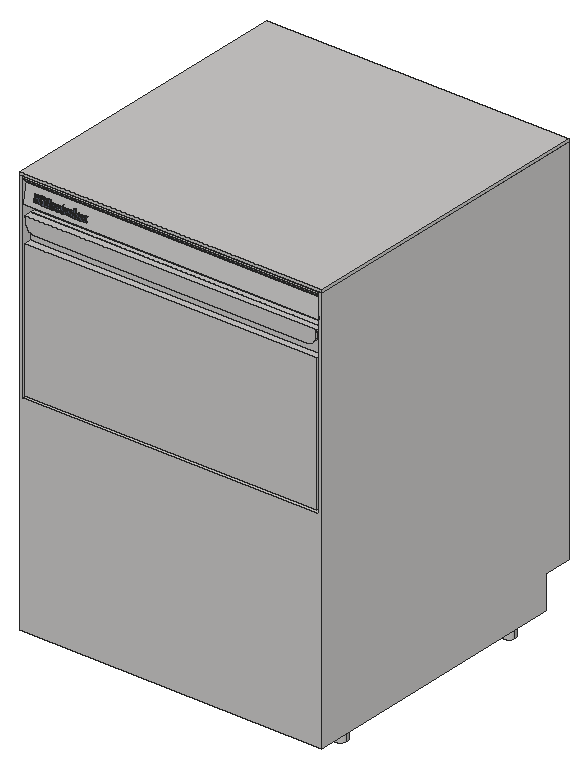
Revit family "QF_ELECTROLUXPROFESSIONAL_520000_EUC40G1", category Specialty Equipment, Revit 2018
Family settings
  Round Connector Dimension = Use Diameter
  Part Type = Normal
  Work Plane-Based = No
  Always vertical = Yes
  Cut with Voids When Loaded = No
  Shared = No
  Room Calculation Point = No
Parameters
  Weight = 0.00 kg
  Watts = 0 W
  Volts = 230 V
  URL Manufacturer = "http://professional.electrolux.com/"
  URL = "http://professional.electrolux.com/"
  Steam Supply Size = 0 mm
  Steam Supply Minimum Pressure = 0.0 Pa
  Steam Supply Maximum Pressure = 0.0 Pa
  Steam Pounds per Hour = 0
  Show Logo [instance] = yes
  Show Clearance [instance] = yes
  Refrigeration Suction Line Size = 0 mm
  Refrigeration Liquid Line Size = 0 mm
  Refrigerant Compressor Remote = yes
  Manufacturer = "Electrolux"
  Phase = 0
  Model = "EUC40G1"
  Length Actual = 600 mm  # constant formula
  Item Number = "520000"
  Hot Water Size = 0 mm
  Height Actual = 820 mm  # constant formula
  HP = "4.8 HP"
  Gas Size = 0 mm
  Gas KW = 0
  Gas Input Pressure = 0 W
  Direct Waste Size = 22 mm
  Description = "UC DW+DOUBLE S+DRAIN P+DET DISP,3C,40R/H,230V"
  Depth Actual = 612 mm  # constant formula
  Cycle = 50 Hz
  Condensate Return Size = 0 mm
  Compressed Air Volume = 0.0 L/s
  Compressed Air Size = 0 mm
  Compressed Air Pressure = 0.0 Pa
  Cold Water Size = 0 mm
  Accessory = yes
Reference planes
  plane 1 "Center (Front/Back)": y = 0
  plane 2: z = 0
  plane 3 "Center (Left/Right)": x = 0
  plane 4 "LEFT": x = -299
  plane 5 "RIGHT": x = 299
  plane 6 "FRONT": y = -306
  plane 7 "BACK": y = 306
  plane 8: x = -281
  plane 9: x = 281
  plane 10: z = 830
  plane 11: z = 20
  plane 12: y = -281
Forms (mm)
  Extrusion 1, solid, material "QF_Finishes_Stainless Steel"
    sketch origin (0, 0, 0) x (1, 0, 0) y (0, 1, 0)
      loop
        line (-299, -306) -> (299, -306) -> (299, 249) -> (-299, 249) -> (-299, -306)
    from 20 to 830
  Extrusion 2, solid, material "QF_Finishes_Stainless Steel"
    sketch origin (0, 0, 0) x (1, 0, 0) y (0, 1, 0)
      loop
        line (-299, 249) -> (299, 249) -> (299, 306) -> (-299, 306) -> (-299, 249)
    from 86 to 830
  Extrusion 3, solid, material "QF_Finishes_Stainless Steel"
    sketch origin (0, 0, 0) x (1, 0, 0) y (0, 1, 0)
      loop
        circle (-281, 181) r 12.5
      loop
        circle (281, 181) r 12.5
      loop
        circle (-281, -236) r 12.5
      loop
        circle (281, -236) r 12.5
    from 0 to 20
  Extrusion 4, void
    sketch origin (-299, -306, 0) x (-1, 0, 0) y (0, 0, 1)
      loop
        line (-5, 830) -> (-593, 830) -> (-593, 434.506) -> (-5, 434.506) -> (-5, 830)
    from 0 to 30
  Extrusion 5, solid, material "QF_Finishes_Stainless Steel"
    sketch origin (-288, -392, 738) x (0, 0, -1) y (1, 0, 0)
      loop
        circle (688, 94) r 10
    from -641 to -698
  Extrusion 6, solid, material "QF_Door-Drawer Clearances", visible <- "Show Clearance", detail levels coarse
    sketch origin (-230, -282.5, 0) x (0, 1, 0) y (0, 0, -1)
      loop
        line (-23.5, -440) -> (-343.5, -440)
        arc (-343.5, -440) -> (-249.774, -666.274) -> (-23.5, -760) r 320
        line (-23.5, -760) -> (-23.5, -440)
    from 60 to -520
  Extrusion 7, solid, material "QF_Finishes_Stainless Steel"
    sketch origin (-242.481, -392, 738) x (0, 0, -1) y (1, 0, 0)
      loop
        circle (688, 236.481) r 8
    from -641 to -698
  Extrusion 8, solid, material "QF_Finishes_Stainless Steel"
    sketch origin (-230, -282.5, 0) x (0, 1, 0) y (0, 0, -1)
      loop
        line (-23.5, -440) -> (-23.5, -710) -> (-8.5, -710) -> (-8.5, -760) -> (1.5, -760) -> (1.5, -440) -> (-23.5, -440)
    from 60 to -520
  Extrusion 9, solid, material "QF_Finishes_Stainless Steel"
    sketch origin (-230, -282.5, -55) x (0, 1, 0) y (0, 0, -1)
      loop
        line (-8.5, -815) -> (-8.5, -812.514) -> (-21, -812.514) -> (-21, -786.25) -> (-23.5, -786.25) -> (-23.5, -815) -> (-8.5, -815)
    from 60 to -520
  Extrusion 10, void
    sketch origin (-230, -306, 760) x (0, 0, 1) y (1, 0, 0)
      loop
        line (-2.486, -60) -> (-2.486, -58.393) -> (-15.552, -58.393)
        arc (-15.552, -58.393) -> (-25.109, -51.319) -> (-28.75, -40) r 19.416
        line (-28.75, -40) -> (-28.75, -60) -> (-2.486, -60)
      loop
        line (-2.486, 520) -> (-28.75, 520) -> (-28.75, 500)
        arc (-28.75, 500) -> (-25.109, 511.319) -> (-15.552, 518.393) r 19.416
        line (-15.552, 518.393) -> (-2.486, 518.393) -> (-2.486, 520)
    from 0 to 2.5
  Extrusion 11, solid, material "QF_Finishes_Stainless Steel"
    sketch origin (0, 0, 0) x (1, 0, 0) y (0, 1, 0)
      loop
        line (-299, -306) -> (299, -306) -> (299, 306) -> (-299, 306) -> (-299, -306)
    from 835 to 830
  Extrusion 12, solid, material "QF_Finishes_Stainless Steel"
    sketch origin (-230, -282.5, 15) x (0, 1, 0) y (0, 0, -1)
      loop
        line (-15.517, -815) -> (6.5, -815) -> (6.5, -765.202) -> (-23.502, -765.202) -> (-16.651, -801.185)
        arc (-16.651, -801.185) -> (-16.709, -802.254) -> (-17.26, -803.171) r 2.216
        line (-17.26, -803.171) -> (-21.457, -807.367)
        arc (-21.457, -807.367) -> (-22.158, -809.293) -> (-21.133, -811.068) r 2.424
        line (-21.133, -811.068) -> (-15.517, -815)
    from -524 to 64
  Extrusion 13, solid, material "QF_Finishes_Stainless Steel"
    sketch origin (-372.481, -392, 738) x (0, 0, -1) y (1, 0, 0)
      loop
        circle (668, 282.481) r 8
    from -641 to -698
Cuts and joins
  Extrusion 4 cuts Extrusion 1
  joined: Extrusion 1, Extrusion 2
  Extrusion 10 cuts Extrusion 6
  Extrusion 10 cuts Extrusion 8
  Extrusion 10 cuts Extrusion 9
Lines and regions (mm)
  Split face 1
    outline origin (-230, -299.151, 816.185) x (0, -0.187035, -0.982353) y (1, 0, 0)
      loop
        line (12.473, -49) -> (24.129, -49)
        arc (24.129, -49) -> (31.2, -46.071) -> (34.129, -39) r 10
        line (34.129, -39) -> (34.129, 499)
        arc (34.129, 499) -> (31.2, 506.071) -> (24.129, 509) r 10
        line (24.129, 509) -> (12.473, 509)
        arc (12.473, 509) -> (5.402, 506.071) -> (2.473, 499) r 10
        line (2.473, 499) -> (2.473, -39)
        arc (2.473, -39) -> (5.402, -46.071) -> (12.473, -49) r 10
  Split face 2
    outline origin (-230, -299.151, 816.185) x (0, -0.187035, -0.982353) y (1, 0, 0)
      loop
        line (9.973, 81.452) -> (29.129, 81.452) -> (29.129, 104.231) -> (9.973, 104.231) -> (9.973, 81.452)
  Split face 3
    outline origin (-200, -299.151, 816.185) x (0, -0.187035, -0.982353) y (1, 0, 0)
      loop
        line (9.973, 81.452) -> (29.129, 81.452) -> (29.129, 104.231) -> (9.973, 104.231) -> (9.973, 81.452)
  Split face 4
    outline origin (-170, -299.151, 816.185) x (0, -0.187035, -0.982353) y (1, 0, 0)
      loop
        line (9.973, 81.452) -> (29.129, 81.452) -> (29.129, 104.231) -> (9.973, 104.231) -> (9.973, 81.452)
  Split face 5
    outline origin (-45, -299.151, 816.185) x (0, -0.187035, -0.982353) y (1, 0, 0)
      loop
        line (9.973, 79.452) -> (29.129, 79.452) -> (29.129, 102.231) -> (9.973, 102.231) -> (9.973, 79.452)
  Split face 6
    outline origin (-15, -299.151, 816.185) x (0, -0.187035, -0.982353) y (1, 0, 0)
      loop
        line (9.973, 79.452) -> (29.129, 79.452) -> (29.129, 102.231) -> (9.973, 102.231) -> (9.973, 79.452)
  Split face 7
    outline origin (15, -299.151, 816.185) x (0, -0.187035, -0.982353) y (1, 0, 0)
      loop
        line (9.973, 79.452) -> (29.129, 79.452) -> (29.129, 102.231) -> (9.973, 102.231) -> (9.973, 79.452)
  Split face 8
    outline origin (-100, -299.151, 816.185) x (0, -0.187035, -0.982353) y (1, 0, 0)
      loop
        line (9.973, 63.952) -> (29.129, 63.952) -> (29.129, 106.731) -> (9.973, 106.731) -> (9.973, 63.952)
  symbolic lines
    curve 1: line (-299, 306, 0) -> (299, 306, 0)
    curve 2: line (-299, -306, 0) -> (-299, 306, 0)
    curve 3: line (299, -306, 0) -> (-299, -306, 0)
    curve 4: line (299, 306, 0) -> (299, -306, 0)
  symbolic lines, style "QF_Door-Drawer Clearances"
    curve 5: line (-290, -626, 0) -> (290, -626, 0)
    curve 6: line (290, -626, 0) -> (290, -306, 0)
    curve 7: line (-290, -626, 0) -> (-290, -306, 0)
Dimensions and locks
  equal spacing: plane 4 "LEFT", plane 3 "Center (Left/Right)", plane 5 "RIGHT"
  equal spacing: plane 7 "BACK", plane 1 "Center (Front/Back)", plane 6 "FRONT"
  plane 7 "BACK" to plane 6 "FRONT" = 612 mm  (x2)
  plane 4 "LEFT" to plane 5 "RIGHT" = 598 mm
  plane 4 "LEFT" to plane 8 = 18 mm
  plane 9 to plane 5 "RIGHT" = 18 mm
  locked: plane 11 to level at 20
  plane 4 "LEFT" to plane 3 "Center (Left/Right)" = 299 mm
  plane 10 to level = 830 mm
  plane 8 to plane 9 = 562 mm
  locked: plane 12 to plane 6 "FRONT" at 25
  plane 11 to Extrusion 7 sketch curve = 30 mm
  plane 5 "RIGHT" to Extrusion 7 sketch curve = 305 mm  (x2)
  plane 5 "RIGHT" to Extrusion 5 sketch curve = 493 mm
  plane 11 to Extrusion 5 sketch curve = 30 mm
  cut or joined group of Extrusion 1, Extrusion 2, Extrusion 4 to Extrusion 13 sketch curve = 389 mm
  plane 11 to Extrusion 13 sketch curve = 50 mm
  plane 7 "BACK" to Extrusion 3 sketch curve = 125 mm  (x2)
  Extrusion 3 sketch curve to plane 6 "FRONT" = 70 mm  (x2)
  Extrusion 5 sketch curve to plane 4 "LEFT" = 105 mm
  aligned and locked: level to plane 2
  aligned and locked: Extrusion 1 sketch curve to plane 6 "FRONT"
  aligned and locked: Extrusion 1 sketch curve to plane 4 "LEFT"
  aligned and locked: plane 5 "RIGHT" to Extrusion 1 sketch curve
  aligned and locked: Extrusion 1 to plane 11
  aligned and locked: Extrusion 2 sketch curve to Extrusion 1  (x2)
  aligned and locked: plane 7 "BACK" to Extrusion 2 sketch curve
  aligned and locked: plane 5 "RIGHT" to Extrusion 2 sketch curve
  aligned and locked: plane 11 to Extrusion 3
  aligned and locked: Extrusion 2 to Extrusion 5
  aligned and locked: Extrusion 2 to Extrusion 7
  aligned and locked: plane 7 "BACK" to Extrusion 7
  aligned and locked: plane 7 "BACK" to Extrusion 5
  aligned and locked: Extrusion 10 to cut or joined group of Extrusion 9, Extrusion 10
  aligned and locked: Extrusion 2 to Extrusion 1
  aligned and locked: Extrusion 11 sketch curve to cut or joined group of Extrusion 1, Extrusion 2, Extrusion 4  (x4)
  aligned and locked: plane 10 to Extrusion 11
  aligned and locked: Extrusion 1 to Extrusion 4
  aligned and locked: curve 5 to cut or joined group of Extrusion 6, Extrusion 10
Automatic sketch dimensions
  curve 3 to plane 4 "LEFT" = 0 mm
  curve 7 to plane 6 "FRONT" = 0 mm
  curve 3 to plane 5 "RIGHT" = 0 mm
  curve 2 to plane 7 "BACK" = 0 mm
  plane 4 "LEFT" to curve 5 = 9 mm
  curve 6 to plane 5 "RIGHT" = 9 mm
  Extrusion 3 sketch curve to plane 8 = 0 mm  (x2)
  Extrusion 3 sketch curve to plane 9 = 0 mm  (x2)
  Extrusion 4 sketch curve to Extrusion 1 = 0 mm
  Extrusion 4 sketch curve to Extrusion 1 = 5 mm  (x2)
  Extrusion 4 sketch curve to Extrusion 1 = 414.506 mm
  Extrusion 6 sketch curve to plane 6 "FRONT" = 0 mm
  Extrusion 6 sketch curve to Extrusion 6 sketch curve = 320 mm
  Extrusion 6 sketch curve to plane 10 = 70 mm
  Extrusion 8 sketch curve to plane 6 "FRONT" = 0 mm
  Extrusion 8 sketch curve to plane 12 = 0 mm
  Extrusion 8 sketch curve to Extrusion 8 sketch curve = 10 mm
  Extrusion 8 sketch curve to plane 10 = 70 mm
  Extrusion 8 sketch curve to Extrusion 8 sketch curve = 50 mm
  Extrusion 8 sketch curve to Extrusion 8 sketch curve = 270 mm
  Extrusion 9 sketch curve to plane 6 "FRONT" = 0 mm
  Extrusion 9 sketch curve to Extrusion 9 sketch curve = 2.5 mm
  Extrusion 9 sketch curve to plane 12 = 10 mm
  Extrusion 9 sketch curve to plane 10 = 70 mm
  Extrusion 9 sketch curve to Extrusion 9 sketch curve = 2.486 mm
  Extrusion 9 sketch curve to Extrusion 9 sketch curve = 26.264 mm
  Extrusion 10 sketch curve to Extrusion 9 = 0 mm  (x4)
  Extrusion 10 sketch curve to Extrusion 9 = 1.607 mm  (x2)
  Extrusion 10 sketch curve to Extrusion 9 = 13.198 mm  (x2)
  Extrusion 10 sketch curve to Extrusion 9 = 9.334 mm  (x2)
  Extrusion 10 sketch curve to Extrusion 9 = 2.486 mm  (x2)
  Split face 1 sketch curve to Extrusion 12 = 2.473 mm
  Split face 1 sketch curve to Extrusion 12 = 12.473 mm  (x2)
  Split face 1 sketch curve to Split face 1 sketch curve = 11.656 mm  (x2)
  Split face 1 sketch curve to Extrusion 12 = 15 mm
  Split face 1 sketch curve to Extrusion 12 = 25 mm
  Split face 2 sketch curve to Extrusion 12 = 9.973 mm
  Split face 2 sketch curve to Extrusion 12 = 145.452 mm
  Split face 2 sketch curve to Split face 2 sketch curve = 22.778 mm
  Split face 3 sketch curve to Extrusion 12 = 9.973 mm
  Split face 3 sketch curve to Extrusion 12 = 175.452 mm
  Split face 3 sketch curve to Split face 3 sketch curve = 22.778 mm
  Split face 4 sketch curve to Extrusion 12 = 9.973 mm
  Split face 4 sketch curve to Extrusion 12 = 205.452 mm
  Split face 4 sketch curve to Split face 4 sketch curve = 22.778 mm
  Split face 5 sketch curve to Extrusion 12 = 9.973 mm
  Split face 5 sketch curve to Extrusion 12 = 259.548 mm
  Split face 5 sketch curve to Split face 5 sketch curve = 22.778 mm
  Split face 6 sketch curve to Extrusion 12 = 9.973 mm
  Split face 6 sketch curve to Extrusion 12 = 229.548 mm
  Split face 6 sketch curve to Split face 6 sketch curve = 22.778 mm
  Split face 7 sketch curve to Extrusion 12 = 9.973 mm
  Split face 7 sketch curve to Extrusion 12 = 199.548 mm
  Split face 7 sketch curve to Split face 7 sketch curve = 22.778 mm
  Split face 8 sketch curve to Extrusion 12 = 9.973 mm
  Split face 8 sketch curve to Extrusion 12 = 257.952 mm
  Split face 8 sketch curve to Split face 8 sketch curve = 42.778 mm
  Extrusion 1 sketch curve to plane 7 "BACK" = 57 mm
  Extrusion 3 sketch curve to plane 7 "BACK" = 125 mm
  Extrusion 12 sketch curve to plane 10 = 0 mm
  plane 6 "FRONT" to Extrusion 12 sketch curve = 2.043 mm
  plane 6 "FRONT" to Extrusion 12 sketch curve = 2.367 mm
  Extrusion 12 sketch curve to Extrusion 12 sketch curve = 1.567 mm  (x2)
  Extrusion 12 sketch curve to Extrusion 12 sketch curve = 0.609 mm
  Extrusion 12 sketch curve to Extrusion 12 sketch curve = 5.616 mm
  plane 12 to Extrusion 12 sketch curve = 5 mm
  Extrusion 12 sketch curve to plane 10 = 3.932 mm
  Extrusion 12 sketch curve to Extrusion 12 sketch curve = 35.982 mm
  Extrusion 12 sketch curve to plane 6 "FRONT" = 0.002 mm
  Extrusion 12 sketch curve to Extrusion 12 sketch curve = 1.714 mm
  Extrusion 12 sketch curve to Extrusion 12 sketch curve = 1.986 mm
  Extrusion 12 sketch curve to Extrusion 12 sketch curve = 4.196 mm
  plane 6 "FRONT" to Extrusion 12 sketch curve = 4.673 mm
  Split face 1 sketch curve to Extrusion 12 = 2.5 mm
  Split face 2 sketch curve to Extrusion 12 = 7.5 mm
  Split face 3 sketch curve to Extrusion 12 = 7.5 mm
  Split face 4 sketch curve to Extrusion 12 = 7.5 mm
  Split face 5 sketch curve to Extrusion 12 = 7.5 mm
  Split face 6 sketch curve to Extrusion 12 = 7.5 mm
  Split face 7 sketch curve to Extrusion 12 = 7.5 mm
  Split face 8 sketch curve to Extrusion 12 = 7.5 mm
  radius of Extrusion 3 sketch curve = 12.5 mm  (x4)
  radius of Extrusion 5 sketch curve = 10 mm
  radius of Extrusion 7 sketch curve = 8 mm
  radius of Extrusion 13 sketch curve = 8 mm
Nested families
  nested 1: "ELX_Logo_S" at (-220, -302.854, 796.736) x (1, 0, 0) z (0, -0.9824, 0.187), visible <- "Show Logo", type "ELX_Logo_S"
Connectors
  piping at (-194, 306, 50), diameter 20
    settings: on Extrusion 5, index 1, connector inside diameter 609.6 mm, connector length 0 mm, flow factor 0, pipe flow 0.0 L/s, pressure drop 0.0 Pa, fitting loss kfactor 0, connector angle 0.00°, fixture units 0, engagement length 0 mm, angle of deflection 0.00°, flow configuration 1, flow direction 2, fitting loss method 0, system type 16, joint type 0, gender type 0, connector reference index -1, connector utility 0, adjustable connector no, is connector primary yes, connector description "Drain"
  piping at (-6, 306, 50), driven by "Hot Water Size"
    settings: on Extrusion 7, index 3, connector diameter 0 mm, connector inside diameter 609.6 mm, connector length 0 mm, flow factor 0, pipe flow 0.0 L/s, pressure drop 0.0 Pa, fitting loss kfactor 0, connector angle 0.00°, fixture units 0, engagement length 0 mm, angle of deflection 0.00°, flow configuration 1, flow direction 1, fitting loss method 0, system type 19, joint type 0, gender type 0, connector reference index -1, connector utility 0, adjustable connector no, is connector primary no, connector description "Hot Water Inlet"
  electrical at (-90, 306, 70), driven by "Volts"
    settings: on Extrusion 13, index 4, voltage 230 V, apparent load 0 VA, apparent load phase1 0 VA, apparent load phase2 0 VA, apparent load phase3 0 VA, power factor 1, load classification "Altro", number of poles 1, system type 30, power factor state 1, is connector primary yes, connector utility no, sub classification motor no, connector description "Electrical Connection"
Definition of nested family "ELX_Logo_S"
  Parameters
    Default Elevation = 0 mm
  Reference planes
    plane 1 "Centro (Fronte/Retro)": y = 0
    plane 2: z = 0
    plane 3 "Centro (Sinistra/Destra)": x = 0
  Forms (mm)
    Extrusion 1, solid
      sketch origin (0, 0, 0) x (1, 0, 0) y (0, 1, 0)
        loop
          line (-1219.2, 1219.2) -> (-1219.2, -1219.2) -> (1219.2, -1219.2) -> (1219.2, 1219.2) -> (-1219.2, 1219.2)
      from 0 to -304.8
    Extrusion 2, solid
      sketch origin (0, 0, 0) x (1, 0, 0) y (0, 1, 0)
        loop
          line (-43.793, 5.912) -> (-43.793, -6.455)
          arc (-43.793, -6.455) -> (-39.222, -0.272) -> (-43.793, 5.912) r 6.467
        loop
          arc (-44.422, 5.912) -> (-49.565, 4.743) -> (-52.043, 0.087) r 6.338
          line (-52.043, 0.087) -> (-49.997, 0.087)
          arc (-49.997, 0.087) -> (-46.342, 1.57) -> (-44.422, 5.016) r 5.941
          line (-44.422, 5.016) -> (-44.422, 5.912)
        loop
          arc (-44.422, -5.559) -> (-46.342, -2.114) -> (-49.997, -0.63) r 5.941
          line (-49.997, -0.63) -> (-52.043, -0.63)
          arc (-52.043, -0.63) -> (-49.569, -5.324) -> (-44.422, -6.614) r 6.504
          line (-44.422, -6.614) -> (-44.422, -5.559)
        loop
          line (-52.512, 6.586) -> (-52.512, -7.158) -> (-38.749, -7.158) -> (-38.749, 6.586) -> (-52.512, 6.586)
        loop
          arc (-35.782, 6.67) -> (-36.139, 6.322) -> (-35.801, 5.955) r 0.358
          arc (-35.801, 5.955) -> (-35.051, 5.641) -> (-34.666, 4.924) r 1.216
          line (-34.666, 4.924) -> (-34.666, -5.488)
          arc (-34.666, -5.488) -> (-34.944, -6.148) -> (-35.54, -6.544) r 1.238
          arc (-35.54, -6.544) -> (-35.791, -6.939) -> (-35.437, -7.244) r 0.358
          line (-35.437, -7.244) -> (-25.558, -7.244) -> (-25.558, -4.494) -> (-26.455, -4.494)
          arc (-26.455, -4.494) -> (-27.035, -5.403) -> (-28.012, -5.858) r 1.928
          line (-28.012, -5.858) -> (-30.511, -5.858)
          arc (-30.511, -5.858) -> (-31.24, -5.583) -> (-31.604, -4.894) r 1.101
          line (-31.604, -4.894) -> (-31.604, -0.808) -> (-27.931, -0.808)
          arc (-27.931, -0.808) -> (-27.434, -1.16) -> (-27.206, -1.725) r 1.083
          arc (-27.206, -1.725) -> (-26.9, -1.989) -> (-26.622, -1.697) r 0.292
          line (-26.622, -1.697) -> (-26.622, 1.265)
          arc (-26.622, 1.265) -> (-26.895, 1.568) -> (-27.225, 1.329) r 0.305
          arc (-27.225, 1.329) -> (-27.473, 0.839) -> (-27.931, 0.534) r 1.083
          line (-27.931, 0.534) -> (-31.604, 0.534) -> (-31.604, 5.211) -> (-27.857, 5.211)
          arc (-27.857, 5.211) -> (-27.101, 4.997) -> (-26.603, 4.39) r 1.314
          arc (-26.603, 4.39) -> (-26.199, 4.171) -> (-25.907, 4.526) r 0.361
          line (-25.907, 4.526) -> (-25.907, 6.67) -> (-35.782, 6.67)
        loop
          arc (-25.126, 5.953) -> (-24.207, 5.572) -> (-23.827, 4.654) r 1.299
          line (-23.827, 4.654) -> (-23.827, -4.925)
          arc (-23.827, -4.925) -> (-24.205, -5.763) -> (-25.083, -6.035) r 1.118
          line (-25.083, -6.035) -> (-25.083, -7.244) -> (-19.733, -7.244) -> (-19.733, -6.056)
          arc (-19.733, -6.056) -> (-20.65, -5.784) -> (-21.046, -4.914) r 1.153
          line (-21.046, -4.914) -> (-21.046, 7.158) -> (-25.126, 5.953)
        loop
          line (-17.097, -2.28) -> (-10.65, -2.28) -> (-10.65, -1.481)
          arc (-10.65, -1.481) -> (-11.634, 1.1) -> (-14.088, 2.369) r 3.874
          line (-14.088, 2.369) -> (-15.848, 2.369)
          arc (-15.848, 2.369) -> (-18.713, 1.182) -> (-19.899, -1.682) r 4.051
          line (-19.899, -1.682) -> (-19.899, -3.691)
          arc (-19.899, -3.691) -> (-18.414, -6.509) -> (-15.407, -7.561) r 4.352
          arc (-15.407, -7.561) -> (-12.944, -7.196) -> (-10.87, -5.819) r 5.713
          line (-10.87, -5.819) -> (-10.87, -4.87)
          arc (-10.87, -4.87) -> (-12.439, -5.603) -> (-14.157, -5.819) r 5.579
          arc (-14.157, -5.819) -> (-16.12, -5.025) -> (-17.097, -3.146) r 3.057
          line (-17.097, -3.146) -> (-17.097, -2.28)
        loop
          line (-17.097, -1.02) -> (-13.515, -1.02)
          arc (-13.515, -1.02) -> (-13.468, 0.436) -> (-14.627, 1.319) r 1.59
          line (-14.627, 1.319) -> (-15.457, 1.319)
          arc (-15.457, 1.319) -> (-16.712, 0.455) -> (-17.097, -1.02) r 2.184
        loop
          arc (-1.232, 1.771) -> (-2.906, 2.259) -> (-4.643, 2.417) r 9.023
          line (-4.643, 2.417) -> (-6.005, 2.417)
          arc (-6.005, 2.417) -> (-8.805, 1.257) -> (-9.965, -1.542) r 3.959
          line (-9.965, -1.542) -> (-9.965, -4.142)
          arc (-9.965, -4.142) -> (-8.672, -6.424) -> (-6.299, -7.541) r 4.331
          line (-6.299, -7.541) -> (-4.164, -7.541)
          arc (-4.164, -7.541) -> (-2.614, -7.033) -> (-1.268, -6.112) r 5.772
          arc (-1.268, -6.112) -> (-1.217, -5.35) -> (-1.976, -5.263) r 0.553
          arc (-1.976, -5.263) -> (-2.71, -5.651) -> (-3.529, -5.785) r 2.573
          line (-3.529, -5.785) -> (-5.044, -5.785)
          arc (-5.044, -5.785) -> (-6.686, -4.779) -> (-7.328, -2.965) r 2.884
          line (-7.328, -2.965) -> (-7.328, -1.686)
          arc (-7.328, -1.686) -> (-6.768, 0.135) -> (-5.103, 1.062) r 2.554
          line (-5.103, 1.062) -> (-4.05, 1.062)
          arc (-4.05, 1.062) -> (-3.122, 0.73) -> (-2.387, 0.073) r 2.564
          arc (-2.387, 0.073) -> (-1.67, -0.148) -> (-1.232, 0.461) r 0.643
          line (-1.232, 0.461) -> (-1.232, 1.771)
        loop
          line (-0.962, 0.752) -> (0.539, 0.752) -> (0.539, -5.296)
          arc (0.539, -5.296) -> (1.197, -6.884) -> (2.785, -7.541) r 2.246
          line (2.785, -7.541) -> (4.369, -7.541)
          arc (4.369, -7.541) -> (5.233, -7.228) -> (6.005, -6.727) r 4.06
          arc (6.005, -6.727) -> (6.138, -5.995) -> (5.437, -5.743) r 0.576
          arc (5.437, -5.743) -> (4.911, -5.849) -> (4.379, -5.785) r 1.69
          arc (4.379, -5.785) -> (3.591, -5.244) -> (3.288, -4.337) r 1.506
          line (3.288, -4.337) -> (3.288, 0.801) -> (5.685, 0.801) -> (6.241, 1.357) -> (6.241, 2.179) -> (3.382, 2.179) -> (3.382, 5.41) -> (-0.962, 0.752)
        loop
          line (7.139, -7.324) -> (12.526, -7.324) -> (12.526, -6.214)
          arc (12.526, -6.214) -> (11.575, -5.82) -> (11.181, -4.869) r 1.345
          line (11.181, -4.869) -> (11.181, -1.253)
          arc (11.181, -1.253) -> (11.773, -0.488) -> (12.695, -0.199) r 1.615
          line (12.695, -0.199) -> (14.251, -0.199) -> (14.936, 2.357) -> (13.553, 2.357) -> (10.994, 0.414) -> (10.994, 2.295) -> (8.288, 2.01)
          arc (8.288, 2.01) -> (7.758, 1.571) -> (7.959, 0.912) r 0.621
          arc (7.959, 0.912) -> (8.301, 0.512) -> (8.484, 0.018) r 1.501
          line (8.484, 0.018) -> (8.484, -4.869)
          arc (8.484, -4.869) -> (8.09, -5.82) -> (7.139, -6.214) r 1.345
          line (7.139, -6.214) -> (7.139, -7.324)
        loop
          line (14.473, -1.222) -> (14.473, -3.914)
          arc (14.473, -3.914) -> (15.781, -6.36) -> (18.311, -7.494) r 4.288
          arc (18.311, -7.494) -> (19.692, -7.557) -> (21.072, -7.494) r 15.022
          arc (21.072, -7.494) -> (23.603, -6.36) -> (24.91, -3.914) r 4.288
          line (24.91, -3.914) -> (24.91, -1.222)
          arc (24.91, -1.222) -> (23.603, 1.223) -> (21.072, 2.357) r 4.288
          arc (21.072, 2.357) -> (19.692, 2.421) -> (18.311, 2.357) r 15.022
          arc (18.311, 2.357) -> (15.781, 1.223) -> (14.473, -1.222) r 4.288
        loop
          line (17.587, -1.017) -> (17.587, -4.119)
          arc (17.587, -4.119) -> (19.744, -6.276) -> (21.901, -4.119) r 2.157
          line (21.901, -4.119) -> (21.901, -1.017)
          arc (21.901, -1.017) -> (19.744, 1.14) -> (17.587, -1.017) r 2.157
        loop
          arc (24.768, 5.964) -> (25.662, 5.593) -> (26.033, 4.699) r 1.264
          line (26.033, 4.699) -> (26.033, -5.165)
          arc (26.033, -5.165) -> (25.636, -6.035) -> (24.72, -6.307) r 1.153
          line (24.72, -6.307) -> (24.72, -7.244) -> (29.828, -7.244) -> (29.828, -6.316)
          arc (29.828, -6.316) -> (29.056, -5.957) -> (28.741, -5.165) r 1.153
          line (28.741, -5.165) -> (28.741, 7.158) -> (24.768, 5.964)
        loop
          arc (29.365, 1.084) -> (30.43, 0.885) -> (30.912, -0.085) r 1.215
          line (30.912, -0.085) -> (30.912, -5.105)
          arc (30.912, -5.105) -> (31.559, -6.719) -> (33.142, -7.44) r 2.338
          line (33.142, -7.44) -> (34.657, -7.44)
          arc (34.657, -7.44) -> (35.661, -7.266) -> (36.547, -6.763) r 2.979
          line (36.547, -6.763) -> (38.344, -7.244) -> (40.032, -7.244) -> (40.032, 2.181) -> (35.829, 1.887) -> (35.829, 1.101)
          arc (35.829, 1.101) -> (36.665, 0.745) -> (37.174, -0.007) r 1.605
          line (37.174, -0.007) -> (37.174, -5.11)
          arc (37.174, -5.11) -> (36.237, -5.531) -> (35.213, -5.603) r 2.94
          arc (35.213, -5.603) -> (34.112, -5.042) -> (33.669, -3.889) r 1.724
          line (33.669, -3.889) -> (33.669, 2.307) -> (29.365, 1.084)
        loop
          line (40.886, 2.112) -> (42.932, 0.44) -> (45.238, -2.734) -> (42.126, -6.191)
          arc (42.126, -6.191) -> (41.732, -6.428) -> (41.273, -6.405) r 0.789
          line (41.273, -6.405) -> (41.273, -7.244) -> (44.818, -7.244) -> (44.818, -6.418)
          arc (44.818, -6.418) -> (44.456, -6.076) -> (44.548, -5.586) r 0.52
          line (44.548, -5.586) -> (46.019, -3.786) -> (47.394, -5.904)
          arc (47.394, -5.904) -> (47.084, -6.305) -> (46.585, -6.392) r 0.7
          line (46.585, -6.392) -> (46.585, -7.244) -> (52.512, -7.244) -> (52.512, -6.358)
          arc (52.512, -6.358) -> (51.853, -6.291) -> (51.322, -5.896) r 1.247
          line (51.322, -5.896) -> (48.041, -1.696) -> (50.094, 0.751) -> (51.836, 2.112) -> (48.112, 2.112) -> (48.535, 0.627) -> (47.258, -0.895) -> (46.068, 0.806) -> (46.844, 2.112) -> (40.886, 2.112)
      from 0 to 1.644
  Dimensions and locks
    aligned and locked: plane 2 to Extrusion 1
    aligned and locked: level to Extrusion 1
